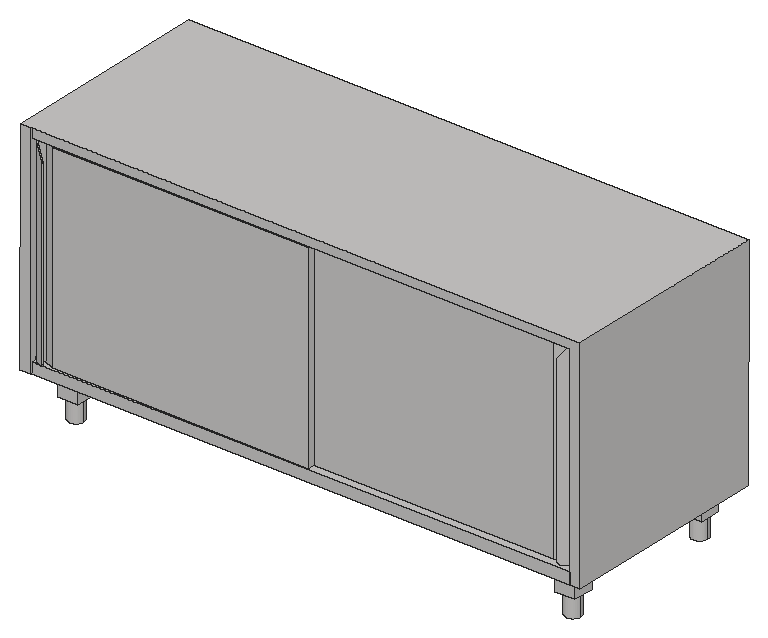
Revit family "QF_ELECTROLUXPROFESSIONAL_121828_TEL2S18", category Attrezzature speciali, Revit 2020
Family settings
  Quota connettore circolare = Usa diametro
  Tipo di parte = Normale
  Basato su piano di lavoro = No
  Sempre verticale = Sì
  Taglio con vuoti quando caricato = No
  Condiviso = No
  Punto di calcolo locali = No
Parameters (values of type "Standard")
  Weight = 50.00 kg
  Watts = 0 W
  Volts = 0 V
  URL Manufacturer = "https://www.electroluxprofessional.com/"
  URL = "https://www.electroluxprofessional.com/"
  Steam Supply Size = 0 mm
  Steam Supply Minimum Pressure = 0.0 Pa
  Steam Supply Maximum Pressure = 0.0 Pa
  Steam Consumption per Hour = 0
  Refrigeration Suction Line Size = 0.0 mm
  Refrigeration Liquid Line Size = 0.0 mm
  Refrigerant Compressor Remote = yes
  Prospetto di default = 0.0 mm
  Phase = 0
  Modello = "TEL2S18"
  Produttore = "Electrolux Professional"
  Length Actual = 1800.0 mm  # constant formula
  Item Number = "121828"
  Hot Water Size = 0 mm
  Height Actual = 860.0 mm  # constant formula
  HP = "0 HP"
  Gas Size = 0 mm
  Gas KW = 0
  Gas Input Pressure = 0 W
  Direct Waste Size = 0 mm
  Descrizione = "CUPBOARD BASE FOR SINK TOP 1800MM"
  Depth Actual = 700.0 mm  # constant formula
  Cycle = 0 Hz
  Condensate Return Size = 0 mm
  Compressed Air Volume = 0.0 L/s
  Compressed Air Size = 0 mm
  Compressed Air Pressure = 0.0 Pa
  Cold Water Size = 0 mm
  Accessory = yes
Reference planes
  plane 1 "Center (Front/Back)": y = 0
  plane 2: z = 0
  plane 3 "Center (Left/Right)": x = -300
  plane 4 "LEFT": x = -1200
  plane 5 "RIGHT": x = 600
  plane 6 "BACK": y = 340
  plane 7 "FRONT": y = -340
  plane 8 "Base": z = 860
  plane 9 "TOP": z = 900
  plane 10: x = -1100
  plane 11: x = 500
  plane 12: y = 270
  plane 13: y = -240
  plane 14 "FEET": z = 150
  plane 15: x = -1166
  plane 16: y = -337
  plane 17: y = 310
  plane 18: x = 566
  plane 19: x = -326.5
  plane 20: x = -273.5
Forms (mm)
  Extrusion 1, solid, material "QF_Finishes_Stainless Steel"
    sketch origin (0, 0, 150) x (-1, 0, 0) y (0, -1, 0)
      loop
        line (1200, -340) -> (1200, 340) -> (1166, 340) -> (1166, -340) -> (1200, -340)
      loop
        line (-566, -340) -> (-566, 337) -> (-600, 337) -> (-600, -340) -> (-566, -340)
    from 0 to 710
  Extrusion 2, solid, material "QF_Finishes_Stainless Steel"
    sketch origin (0, 0, 150) x (-1, 0, 0) y (0, -1, 0)
      loop
        line (1166, -310) -> (1166, 337) -> (-566, 337) -> (-566, -310) -> (1166, -310)
    from 0 to 35
  Extrusion 3, solid, material "QF_Finishes_Stainless Steel"
    sketch origin (0, 0, 0) x (1, 0, 0) y (0, 1, 0)
      loop
        line (-1166, -337) -> (566, -337) -> (566, 340) -> (-1166, 340) -> (-1166, -337)
    from 830 to 860
  Extrusion 4, solid, material "QF_Finishes_Stainless Steel"
    sketch origin (0, 0, 150) x (-1, 0, 0) y (0, -1, 0)
      loop
        line (1166, -340) -> (1166, -310) -> (-566, -310) -> (-566, -340) -> (1166, -340)
    from 680 to 0
  Extrusion 5, solid, material "QF_Finishes_Stainless Steel"
    sketch origin (0, -340, 0) x (-1, 0, 0) y (0, 0, 1)
      loop
        line (301, 185) -> (301, 187) -> (299, 187) -> (299, 185) -> (301, 185)
    from 45 to 43
  Extrusion 6, solid, material "QF_Finishes_Stainless Steel"
    sketch origin (0, 0, 150) x (-1, 0, 0) y (0, -1, 0)
      loop
        line (326.5, 317) -> (-498, 317) -> (-533, 302) -> (-563, 302) -> (-563, 297) -> (326.5, 297) -> (326.5, 317)
    from 675 to 40
  Extrusion 7, solid, material "QF_Finishes_Stainless Steel"
    sketch origin (0, 0, 150) x (-1, 0, 0) y (0, -1, 0)
      loop
        line (-521, 331) -> (-549, 316) -> (-563, 302) -> (-560.172, 302) -> (-547.795, 314.377) -> (-520.056, 329.237) -> (-521, 331)
    from 675 to 40
  Extrusion 8, solid, material "QF_Finishes_Stainless Steel"
    sketch origin (0, 0, 150) x (-1, 0, 0) y (0, -1, 0)
      loop
        line (273.5, 337) -> (273.5, 317) -> (1163, 317) -> (1163, 322) -> (1133, 322) -> (1098, 337) -> (273.5, 337)
    from 675 to 40
  Extrusion 9, solid, material "QF_Finishes_Stainless Steel"
    sketch origin (0, 0, 150) x (-1, 0, 0) y (0, -1, 0)
      loop
        line (1121, 351) -> (1120.056, 349.237) -> (1147.795, 334.377) -> (1160.172, 322) -> (1163, 322) -> (1149, 336) -> (1121, 351)
    from 675 to 40
  Extrusion 10, void
    sketch origin (-318.5, -342.5, 2435) x (-1, 0, 0) y (0, 0, 1)
      loop
        line (797, -1610) -> (797, -1661.75) -> (831.5, -1610) -> (797, -1610)
      loop
        line (801.556, -2245) -> (811.556, -2245)
        arc (811.556, -2245) -> (804.484, -2242.071) -> (801.556, -2235) r 10
        line (801.556, -2235) -> (801.556, -2245)
    from -13.118 to 9.689
  Extrusion 11, void
    sketch origin (-481.5, -342.5, 2430) x (1, 0, 0) y (0, 0, -1)
      loop
        line (997, 1605) -> (1031.5, 1605) -> (997, 1656.75) -> (997, 1605)
      loop
        line (1001.556, 2240) -> (1001.556, 2230)
        arc (1001.556, 2230) -> (1004.484, 2237.071) -> (1011.556, 2240) r 10
        line (1011.556, 2240) -> (1001.556, 2240)
    from 5.5 to 29.918
Cuts and joins
  joined: Extrusion 1, Extrusion 3, Extrusion 4
  Extrusion 10 cuts Extrusion 9
  Extrusion 11 cuts Extrusion 7
Lines and regions (mm)
  symbolic lines, style "SpecialityEquipmentHiddenLines"
    curve 1: line (600, 340, 900) -> (-1200, 340, 900)
    curve 2: line (600, -340, 900) -> (600, 340, 900)
    curve 3: line (-1200, -344.5, 150) -> (-1200, 340, 150)
    curve 4: line (-1200, -340, 150) -> (-1166, -340, 150)
    curve 5: line (-1166, -340, 150) -> (-1166, -337, 150)
    curve 6: line (-1166, -337, 150) -> (566, -337, 150)
    curve 7: line (566, -337, 150) -> (566, -340, 150)
    curve 8: line (566, -340, 150) -> (600, -340, 150)
    curve 9: line (566, -340, 1600) -> (566, -337, 1600)
    curve 11: line (-1166, -337, 1600) -> (-1166, -340, 1600)
    curve 12: line (566, -297, 200) -> (-326.5, -297, 200)
    curve 13: line (-326.5, -297, 200) -> (-326.5, -317, 200)
    curve 14: line (499, -317, 200) -> (-1163, -317, 200)
    curve 18: line (-273.5, -317, 200) -> (-273.5, -337, 200)
    curve 19: line (498, -317, 1600) -> (533, -302, 1600)
    curve 20: line (533, -302, 1600) -> (563, -302, 1600)
    curve 21: line (563, -302, 1600) -> (563, -297, 1600)
    curve 22: line (520.958, -331.023, 1600) -> (548.999, -316.001, 1600)
    curve 23: line (548.999, -316.001, 1600) -> (563, -302, 1600)
    curve 24: line (560.172, -302, 1600) -> (547.795, -314.377, 1600)
    curve 25: line (547.795, -314.377, 1600) -> (519.992, -329.271, 1600)
    curve 26: line (519.992, -329.271, 1600) -> (520.958, -331.023, 1600)
    curve 27: line (-1163, -317, 1600) -> (-1163, -322, 1600)
    curve 28: line (-1163, -322, 1600) -> (-1149, -336, 1600)
    curve 29: line (-1149, -336, 1600) -> (-1147.133, -337, 1600)
    curve 30: line (-1142.884, -337, 1600) -> (-1147.955, -334.283, 1600)
    curve 31: line (-1147.955, -334.283, 1600) -> (-1160.239, -322, 1600)
    curve 32: line (-1098, -337, 1600) -> (-1133, -322, 1600)
    curve 33: line (-1133, -322, 1600) -> (-1163, -322, 1600)
  symbolic lines, style "SpecialityEquipment"
    curve 10: line (566, -337, 1600) -> (-1166, -337, 1600)
    curve 15: line (-1147.133, -337, 1600) -> (-1120.985, -351.008, 1600)
    curve 16: line (-1120.985, -351.008, 1600) -> (-1120.038, -349.239, 1600)
    curve 17: line (-1142.884, -337, 1600) -> (-1120.038, -349.239, 1600)
Dimensions and locks
  plane 4 "LEFT" to plane 5 "RIGHT" = 1800.0 mm
  equal spacing: plane 4 "LEFT", plane 3 "Center (Left/Right)", plane 5 "RIGHT"
  plane 6 "BACK" to plane 7 "FRONT" = 680.0 mm
  equal spacing: plane 6 "BACK", plane 1 "Center (Front/Back)", plane 7 "FRONT"
  locked: plane 14 "FEET" to level at 150
  locked: plane 4 "LEFT" to plane 10 at 100
  locked: plane 11 to plane 5 "RIGHT" at 100
  locked: plane 4 "LEFT" to plane 15 at 34
  plane 16 to plane 7 "FRONT" = 3.0 mm
  plane 6 "BACK" to plane 17 = 30.0 mm
  locked: plane 6 "BACK" to plane 12 at 70
  locked: plane 13 to plane 7 "FRONT" at 100
  locked: plane 8 "Base" to level at 860
  locked: plane 9 "TOP" to level at 900
  locked: plane 18 to plane 5 "RIGHT" at 34
  locked: plane 19 to plane 20 at 53
  equal spacing: plane 19, plane 3 "Center (Left/Right)", plane 20
  aligned and locked: level to plane 2
  aligned and locked: plane 10 to nested 1
  aligned and locked: plane 11 to nested 2  (x2)
  aligned and locked: nested 4 to plane 12
  aligned and locked: plane 10 to nested 3
  aligned and locked: nested 3 to plane 12
  aligned and locked: plane 8 "Base" to Extrusion 1
  aligned and locked: plane 6 "BACK" to Extrusion 1 sketch curve
  aligned and locked: Extrusion 1 sketch curve to plane 6 "BACK"
  aligned and locked: Extrusion 1 sketch curve to plane 7 "FRONT"
  aligned and locked: plane 15 to Extrusion 1
  aligned and locked: Extrusion 2 to plane 15
  aligned and locked: plane 8 "Base" to Extrusion 3
  aligned and locked: Extrusion 2 to plane 16
  aligned and locked: Extrusion 2 to plane 17
  aligned and locked: Extrusion 3 to plane 16
  aligned and locked: plane 15 to Extrusion 4 sketch curve
  aligned and locked: Extrusion 4 sketch curve to plane 6 "BACK"
  aligned and locked: Extrusion 4 sketch curve to plane 17
  aligned and locked: Extrusion 4 to Extrusion 3
  aligned and locked: Extrusion 4 to plane 14 "FEET"
  aligned and locked: plane 6 "BACK" to Extrusion 3
  aligned and locked: nested 1 to plane 13
  aligned and locked: nested 2 to plane 13
  aligned and locked: plane 18 to Extrusion 3
  aligned and locked: Extrusion 2 sketch curve to plane 18
  aligned and locked: cut or joined group of Extrusion 1, Extrusion 3, Extrusion 4 to plane 18
  aligned and locked: plane 18 to cut or joined group of Extrusion 1, Extrusion 3, Extrusion 4
  aligned and locked: Extrusion 6 to plane 19
  aligned and locked: curve 13 to plane 19
  aligned and locked: plane 20 to Extrusion 8
  aligned and locked: curve 18 to plane 20
  aligned and locked: curve 7 to curve 9
  aligned and locked: plane 18 to curve 9
  aligned and locked: nested 4 to nested 4
  aligned and locked: nested 4 to nested 2
Automatic sketch dimensions
  curve 2 to plane 5 "RIGHT" = 0.0 mm
  curve 2 to plane 7 "FRONT" = 0.0 mm
  curve 1 to plane 4 "LEFT" = 0.0 mm
  curve 1 to plane 6 "BACK" = 0.0 mm
  Extrusion 1 sketch curve to plane 5 "RIGHT" = 0.0 mm
  Extrusion 1 sketch curve to plane 16 = 0.0 mm
  Extrusion 1 sketch curve to plane 18 = 0.0 mm
  Extrusion 1 sketch curve to plane 15 = 0.0 mm
  Extrusion 1 sketch curve to plane 4 "LEFT" = 0.0 mm
  Extrusion 2 sketch curve to plane 15 = 0.0 mm
  plane 17 to Extrusion 2 sketch curve = 0.0 mm
  Extrusion 2 sketch curve to plane 16 = 0.0 mm
  curve 8 to plane 5 "RIGHT" = 0.0 mm
  curve 6 to plane 15 = 0.0 mm
  curve 3 to plane 4 "LEFT" = 0.0 mm
  curve 3 to plane 6 "BACK" = 0.0 mm
  curve 6 to plane 16 = 0.0 mm
  curve 8 to plane 7 "FRONT" = 0.0 mm
  curve 4 to plane 7 "FRONT" = 0.0 mm
  curve 4 to curve 3 = 4.5 mm
  Extrusion 3 sketch curve to plane 6 "BACK" = 0.0 mm
  Extrusion 3 sketch curve to plane 15 = 0.0 mm
  Extrusion 3 sketch curve to plane 18 = 0.0 mm
  Extrusion 3 sketch curve to plane 16 = 0.0 mm
  Extrusion 4 sketch curve to plane 18 = 0.0 mm
  plane 3 "Center (Left/Right)" to Extrusion 5 sketch curve = 1.0 mm
  Extrusion 5 sketch curve to plane 3 "Center (Left/Right)" = 1.0 mm
  plane 14 "FEET" to Extrusion 5 sketch curve = 35.0 mm
  Extrusion 5 sketch curve to Extrusion 5 sketch curve = 2.0 mm
  Extrusion 6 sketch curve to plane 19 = 0.0 mm
  Extrusion 6 sketch curve to plane 11 = 2.0 mm
  plane 11 to Extrusion 6 sketch curve = 33.0 mm
  Extrusion 6 sketch curve to plane 18 = 3.0 mm
  plane 16 to Extrusion 6 sketch curve = 40.0 mm
  Extrusion 6 sketch curve to Extrusion 6 sketch curve = 5.0 mm
  Extrusion 6 sketch curve to Extrusion 6 sketch curve = 20.0 mm
  Extrusion 7 sketch curve to plane 18 = 3.0 mm
  Extrusion 7 sketch curve to Extrusion 7 sketch curve = 2.828 mm
  Extrusion 7 sketch curve to plane 18 = 17.0 mm
  Extrusion 7 sketch curve to Extrusion 7 sketch curve = 1.205 mm
  plane 16 to Extrusion 7 sketch curve = 6.0 mm
  plane 11 to Extrusion 7 sketch curve = 21.0 mm
  plane 16 to Extrusion 7 sketch curve = 7.763 mm
  Extrusion 7 sketch curve to Extrusion 7 sketch curve = 0.944 mm
  Extrusion 7 sketch curve to Extrusion 7 sketch curve = 12.377 mm
  Extrusion 8 sketch curve to plane 16 = 0.0 mm
  Extrusion 8 sketch curve to plane 20 = 0.0 mm
  plane 10 to Extrusion 8 sketch curve = 2.0 mm
  plane 16 to Extrusion 8 sketch curve = 15.0 mm
  Extrusion 8 sketch curve to plane 10 = 33.0 mm
  plane 15 to Extrusion 8 sketch curve = 3.0 mm
  Extrusion 8 sketch curve to Extrusion 8 sketch curve = 20.0 mm
  Extrusion 9 sketch curve to plane 10 = 20.056 mm
  Extrusion 9 sketch curve to plane 7 "FRONT" = 11.0 mm
  Extrusion 9 sketch curve to Extrusion 9 sketch curve = 0.944 mm
  plane 16 to Extrusion 9 sketch curve = 2.623 mm
  plane 15 to Extrusion 9 sketch curve = 18.205 mm
  plane 16 to Extrusion 9 sketch curve = 1.0 mm
  plane 15 to Extrusion 9 sketch curve = 5.828 mm
  Extrusion 9 sketch curve to Extrusion 9 sketch curve = 2.828 mm
  plane 16 to Extrusion 9 sketch curve = 15.0 mm
  curve 32 to plane 16 = 0.0 mm
  curve 11 to plane 15 = 0.0 mm
  curve 9 to plane 7 "FRONT" = 0.0 mm
  curve 11 to plane 7 "FRONT" = 0.0 mm
  curve 23 to plane 18 = 3.0 mm
  curve 23 to plane 18 = 17.001 mm
  curve 22 to curve 25 = 1.204 mm
  curve 24 to curve 19 = 14.795 mm
  plane 16 to curve 22 = 5.977 mm
  plane 11 to curve 22 = 20.958 mm
  plane 16 to curve 25 = 7.729 mm
  curve 22 to curve 25 = 0.966 mm
  curve 16 to plane 7 "FRONT" = 9.239 mm
  curve 16 to plane 10 = 20.038 mm
  curve 16 to plane 7 "FRONT" = 11.008 mm
  curve 16 to curve 16 = 0.948 mm
  curve 33 to curve 17 = 9.884 mm
  plane 16 to curve 30 = 2.717 mm
  curve 15 to curve 30 = 0.822 mm
  plane 16 to curve 29 = 1.0 mm
  curve 30 to curve 29 = 1.045 mm
  plane 15 to curve 33 = 3.0 mm
  plane 16 to curve 33 = 15.0 mm
  plane 16 to curve 23 = 20.999 mm
  curve 25 to curve 22 = 1.624 mm
  curve 19 to curve 24 = 12.377 mm
  curve 20 to curve 24 = 2.828 mm
  curve 19 to plane 11 = 2.0 mm
  plane 10 to curve 32 = 2.0 mm
  curve 30 to curve 17 = 0.0 mm
  curve 29 to curve 15 = 0.0 mm
  curve 31 to curve 27 = 2.761 mm
  curve 27 to curve 27 = 5.0 mm
  plane 16 to curve 19 = 20.0 mm
  curve 21 to curve 20 = 5.0 mm
  curve 12 to plane 18 = 0.0 mm
  curve 18 to plane 16 = 0.0 mm
  plane 16 to curve 13 = 40.0 mm
  curve 14 to plane 11 = 1.0 mm
  plane 15 to curve 14 = 3.0 mm
  curve 12 to curve 13 = 20.0 mm
  Extrusion 10 sketch curve to plane 10 = 15.5 mm
  Extrusion 10 sketch curve to plane 10 = 20.056 mm
  Extrusion 10 sketch curve to Extrusion 10 sketch curve = 10.0 mm
  plane 15 to Extrusion 10 sketch curve = 16.0 mm
  plane 14 "FEET" to Extrusion 10 sketch curve = 40.0 mm
  Extrusion 10 sketch curve to plane 8 "Base" = 86.75 mm
  Extrusion 10 sketch curve to plane 8 "Base" = 35.0 mm
  plane 11 to Extrusion 11 sketch curve = 15.5 mm
  plane 11 to Extrusion 11 sketch curve = 20.056 mm
  Extrusion 11 sketch curve to Extrusion 11 sketch curve = 10.0 mm
  Extrusion 11 sketch curve to plane 18 = 16.0 mm
  Extrusion 11 sketch curve to plane 8 "Base" = 35.0 mm
  Extrusion 11 sketch curve to Extrusion 11 sketch curve = 51.75 mm
  plane 14 "FEET" to Extrusion 11 sketch curve = 50.0 mm
Nested families
  nested 1: "FEET_L65-150" at (-1100, -240, 0), type "FEET_L65-150"
  nested 2: "FEET_L65-150" at (500, -240, 0), type "FEET_L65-150"
  nested 3: "FEET_L65-150" at (-1100, 270, 0), type "FEET_L65-150"
  nested 4: "FEET_L65-150" at (500, 270, 0), type "FEET_L65-150"
Definition of nested family "FEET_L65-150"
  Parameters
    Default Elevation = 0.0 mm
    FEET = 150.0 mm
  Reference planes
    plane 1 "Center (Front/Back)": y = 0
    plane 2: z = 0
    plane 3 "Center (Left/Right)": x = 0
    plane 4: z = 150
  Forms (mm)
    Extrusion 1, solid
      sketch origin (0, 0, 0) x (1, 0, 0) y (0, 1, 0)
        loop
          circle (0, 0) r 25
      from 0 to 67
    Extrusion 2, solid
      sketch origin (0, 0, 0) x (1, 0, 0) y (0, 1, 0)
        loop
          line (32.561, 32.5) -> (-32.439, 32.5) -> (-32.439, -32.5) -> (32.561, -32.5) -> (32.561, 32.5)
      from 67 to 150 <- "FEET"
  Lines and regions (mm)
    symbolic lines
      curve 1: line (0, -1.503, 0) -> (0, 1.508, 0)
      curve 2: line (1.561, 0, 0) -> (-1.439, 0, 0)
  Dimensions and locks
    "FEET": plane 4 to plane 2
    aligned and locked: level to plane 2
  Automatic sketch dimensions
    plane 1 "Center (Front/Back)" to Extrusion 1 sketch curve = 0.0 mm
    Extrusion 1 sketch curve to plane 3 "Center (Left/Right)" = 0.0 mm
    plane 1 "Center (Front/Back)" to curve 2 = 0.0 mm
    curve 1 to plane 3 "Center (Left/Right)" = 0.0 mm
    curve 2 to plane 3 "Center (Left/Right)" = 1.439 mm
    plane 3 "Center (Left/Right)" to curve 2 = 1.561 mm
    plane 1 "Center (Front/Back)" to curve 1 = 1.503 mm
    curve 1 to plane 1 "Center (Front/Back)" = 1.508 mm
    Extrusion 2 sketch curve to plane 1 "Center (Front/Back)" = 32.5 mm
    Extrusion 2 sketch curve to plane 3 "Center (Left/Right)" = 32.439 mm
    plane 3 "Center (Left/Right)" to Extrusion 2 sketch curve = 32.561 mm
    plane 1 "Center (Front/Back)" to Extrusion 2 sketch curve = 32.5 mm
    radius of Extrusion 1 sketch curve = 25.0 mm
